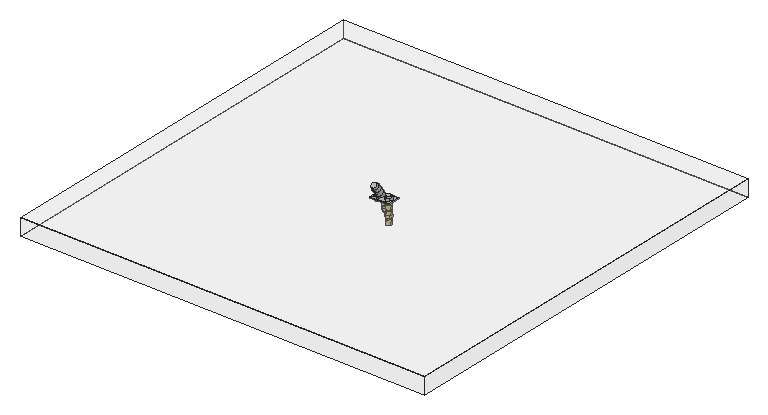
Revit family
Parameters (values of type "67CC-C")
  Weight Lbs = 4.4
  Waste Connection = no
  Rod Assembly D = 0' - 0 1/2"
  Rod Assembly C = 0' - 0 3/4"
  Rod Assembly B = Rod Assembly A + 0' 0 1/2"  # 0' - 1 1/2"
  Rod Assembly A = Wall Thickness  # 0' - 1"
  Wall Thickness = 0' - 1"
  WFU = 0
  Vent Connection = no
  URL = "http://www.woodfordmfg.com/woodford/Wall_Hydrant_Pages/model-67.html"
  Symbol Length = 0' - 9"
  Polished Brass (PB) Optional = ""
  Plate Width = 0' - 3"
  Plate Length = 0' - 4 3/8"
  Pipe Connection Radius = 0' - 0 3/8"
  Pipe Connection Diameter = Pipe Connection Radius * 2  # 0' - 0 3/4"
  Overall Hydrant Length = Wall Thickness + 0' 4"  # 0' - 5"
  Outlet = "3/4\" Male Hose Thread"
  No Lead Solder = ""
  Model = "67CC-C"
  Max Temperature = "120º -F"
  Max Pressure = 125.00 psi
  Inlet Option = "C - 3/4\" Copper Water Tube-Closed Coupled"
  Hydrant Specification = ""
  Hydrant & Vacuum Breaker = "Listed by IAPMO"
  Hydrant = "Field Testable"
  Manufacturer = "Woodford Manufacturing Company"
  Installation Instructions = "http://www.woodfordmfg.com/woodford/Installation/65-67%20Installation%20Instructions-2.pdf"
  HWFU = 0
  HW Connection = no
  GPM = "13 @ 100psi"
  Double Check Backflow Preventer = "ASSE 1052"
  Default Elevation = 4' - 0"
  Chrome Standard = ""
  Catalog Sheet = "http://www.woodfordmfg.com/woodford/Wall_Hyd_PDF/67CATALOG.pdf"
  CWFU = 2.5
  CW Connection = yes
  Brass Head & Inlet Castings = ""
  Brass (BR) Optional = ""
  Automatic Draining = ""
  All Brass Castings = ""
Types (13): name | Weight Lbs | Rod Assembly D | Rod Assembly C | Rod Assembly B | Rod Assembly A | Wall Thickness | Overall Hydrant Length | Model | Inlet Option
  (no name) | 4.4 | 0' - 0 1/2" | 0' - 0 3/4" | 0' - 1 1/2" | 0' - 1" | 0' - 1" | 0' - 5" | "67CC-C" | "C - 3/4\" Copper Water Tube-Closed Coupled"
  67C-6 | 4.8 | 0' - 1 1/2" | 0' - 2" | 0' - 6 1/2" | 0' - 6" | 0' - 6" | 0' - 10" | "67C-6" | "C - 3/4\" Copper Water Tube"
  67C-4 | 4.4 | 0' - 1 1/2" | 0' - 2" | 0' - 4 1/2" | 0' - 4" | 0' - 4" | 0' - 8" | "67C-4" | "C - 3/4\" Copper Water Tube"
  67C-10 | 5.6 | 0' - 1 1/2" | 0' - 2" | 0' - 10 1/2" | 0' - 10" | 0' - 10" | 1' - 2" | "67C-10" | "C - 3/4\" Copper Water Tube"
  67C-12 | 6 | 0' - 1 1/2" | 0' - 2" | 1' - 0 1/2" | 1' - 0" | 1' - 0" | 1' - 4" | "67C-12" | "C - 3/4\" Copper Water Tube"
  67C-14 | 6.4 | 0' - 1 1/2" | 0' - 2" | 1' - 2 1/2" | 1' - 2" | 1' - 2" | 1' - 6" | "67C-14" | "C - 3/4\" Copper Water Tube"
  67C-16 | 6.8 | 0' - 1 1/2" | 0' - 2" | 1' - 4 1/2" | 1' - 4" | 1' - 4" | 1' - 8" | "67C-16" | "C - 3/4\" Copper Water Tube"
  67C-18 | 7.2 | 0' - 1 1/2" | 0' - 2" | 1' - 6 1/2" | 1' - 6" | 1' - 6" | 1' - 10" | "67C-18" | "C - 3/4\" Copper Water Tube"
  67C-20 | 7.6 | 0' - 1 1/2" | 0' - 2" | 1' - 8 1/2" | 1' - 8" | 1' - 8" | 2' - 0" | "67C-20" | "C - 3/4\" Copper Water Tube"
  67C-22 | 8 | 0' - 1 1/2" | 0' - 2" | 1' - 10 1/2" | 1' - 10" | 1' - 10" | 2' - 2" | "67C-22" | "C - 3/4\" Copper Water Tube"
  67C-24 | 8.4 | 0' - 1 1/2" | 0' - 2" | 2' - 0 1/2" | 2' - 0" | 2' - 0" | 2' - 4" | "67C-24" | "C - 3/4\" Copper Water Tube"
  67C-8 | 4.8 | 0' - 1 1/2" | 0' - 2" | 0' - 6 1/2" | 0' - 6" | 0' - 6" | 0' - 10" | "67C-8" | "C - 3/4\" Copper Water Tube"
  67CC-C | 4.4 | 0' - 0 1/2" | 0' - 0 3/4" | 0' - 1 1/2" | 0' - 1" | 0' - 1" | 0' - 5" | "67CC-C" | "C - 3/4\" Copper Water Tube-Closed Coupled"
Reference planes (in)
  plane 1 "Center (Front/Back)": y = 0
  plane 2: z = 0
  plane 3 "Center (Left/Right)": x = 0
  plane 4 "Left": x = -2.1875
  plane 5 "Right": x = 2.1875
  plane 6 "Bottom": y = -1.5
  plane 7 "Top": y = 1.5
  plane 8 "Top Faceplate": z = 0.21875
  plane 9 "Right Offset": x = 1.6875
  plane 10 "Left Offset": x = -1.6875
  plane 11 "Top Nut": z = 0.71875
  plane 12 "Operating Rod Depth A": z = -1
  plane 13 "Out Right": z = -0.75
  plane 14 "Out Left": z = -0.5
  plane 15: z = -0.325
  plane 16 "Operating Rod Depth B": z = -1.5
  plane 17 "Inlet bottom nut": z = -1.75
  plane 18 "Inlet Assembly": z = -2.25
  plane 19 "Inlet Assembly Nut": z = -3
  plane 20 "Inlet Assembly Bottom Nut": z = -3.5
  plane 21 "Female Connection": z = -4
  plane 22: z = 9
  plane 23: z = -5
Forms (in)
  Extrusion 1, solid, material "Glass"
    sketch origin (0, 0, 0) x (1, 0, 0) y (0, 1, 0)
      loop
        line (-48, 48) -> (-48, -48) -> (48, -48) -> (48, 48) -> (-48, 48)
    from 0 to -4
  Extrusion 2, solid, material "Chrome", detail levels fine
    sketch origin (0, 0, 0) x (1, 0, 0) y (0, 1, 0)
      loop
        line (-2.1875, -1.5) -> (2.1875, -1.5) -> (2.1875, 1.5) -> (-2.1875, 1.5) -> (-2.1875, -1.5)
    from 0 to 0.21875
  Extrusion 3, solid, material "Chrome", detail levels fine
    sketch origin (-1.6875, 0, 0) x (0, 1, 0) y (0, 0, 1)
      loop
        line (-1.5, 0.21875) -> (-0.17611, 0.21875) -> (-0.17611, 0.4375) -> (-1.1597, 0.4375) -> (-1.44095, 0.71875) -> (-1.5, 0.71875) -> (-1.5, 0.21875)
    from 0 to 1
  Sweep 4, solid, material "Chrome", detail levels fine
    path origin (-1.1625, 0, 0) x (0, 1, 0) y (0, 0, 1)
      loop
        arc (0.31144, 0.21875) -> (0.26076, 0.51208) -> (0.1201, 0.77444) r 0.93127
    profile origin (-1.1625, 0.26076, 0.51208) x (0, -0.945519, -0.325568) y (1, 0, 0)
      loop
        circle (0, 0) r 0.78125
  Sweep 5, solid, material "Chrome", detail levels fine
    path origin (-1.1625, 0, 0) x (0, 1, 0) y (0, 0, 1)
      loop
        line (0.1201, 0.77444) -> (-0.03172, 0.97306)
    profile origin (-1.1625, 0.04419, 0.87375) x (0, -0.794484, -0.607286) y (1, 0, 0)
      loop
        circle (0, 0) r 0.5
  Sweep 6, solid, material "Chrome", detail levels fine
    path origin (-1.1625, 0, 0) x (0, 1, 0) y (0, 0, 1)
      loop
        line (-0.03172, 0.97306) -> (-0.639, 1.76754)
    profile origin (-1.1625, -0.33536, 1.3703) x (0, -0.794484, -0.607286) y (1, 0, 0)
      loop
        circle (0, 0) r 0.75
  Sweep 7, solid, material "Chrome", detail levels fine
    path origin (-1.1625, -0.58076, 0.81476) x (0, 1, 0) y (0, 0, 1)
      loop
        line (-0.639, 1.76754) -> (-0.75357, 1.91743)
    profile origin (-1.1625, -1.27705, 2.65724) x (0, -0.794484, -0.607286) y (1, 0, 0)
      loop
        circle (0, 0) r 0.5
  Sweep 8, solid, material "Chrome", detail levels fine
    path origin (-1.1625, -0.58076, 0.81476) x (0, 1, 0) y (0, 0, 1)
      loop
        line (-0.75357, 1.91743) -> (-0.95094, 2.17563)
    profile origin (-1.1625, -1.43301, 2.86129) x (0, -0.794484, -0.607286) y (1, 0, 0)
      loop
        circle (0, 0) r 0.625
  Extrusion 9, solid, material "Chrome", detail levels fine
    sketch origin (0, 0, 0.21875) x (-1, 0, 0) y (0, -1, 0)
      loop
        line (-1.02436, -0.76573) -> (-0.33622, -0.38286) -> (-0.33622, 0.38286) -> (-1.02436, 0.76573) -> (-1.6875, 0.38286) -> (-1.6875, -0.38286) -> (-1.02436, -0.76573)
    from 0 to 0.5
  Extrusion 10, solid, material "Chrome", detail levels fine
    sketch origin (0, 0, 0.71875) x (-1, 0, 0) y (0, -1, 0)
      loop
        circle (-1.02436, 0) r 0.54614
    from 0 to 0.25
  Extrusion 11, solid, material "Brass", detail levels fine
    sketch origin (0, 0, 0) x (1, 0, 0) y (0, 1, 0)
      loop
        circle (1.02436, 0) r 0.625
    from 0 to -0.75
  Extrusion 12, solid, material "Brass", detail levels fine
    sketch origin (0, 0, 0) x (1, 0, 0) y (0, 1, 0)
      loop
        circle (-0.08686, 0) r 0.4375
    from 0 to -0.5
  Extrusion 13, solid, material "Brass", detail levels fine
    sketch origin (0, 0, 0) x (1, 0, 0) y (0, 1, 0)
      loop
        arc (1.02395, -0.71363) -> (1.60463, -0.04499) -> (1.09565, 0.67972) r 0.71878
        line (1.09565, 0.67972) -> (-0.88414, 1.19681) -> (-1.9375, 1.19681) -> (-1.9375, -1.12767) -> (-1.15613, -1.12767) -> (1.02395, -0.71363)
    from 0 to -0.325
  Extrusion 14, solid, material "Brass", detail levels fine
    sketch origin (0, 0, -0.5) x (-1, 0, 0) y (0, -1, 0)
      loop
        circle (0.08686, 0) r 0.3125
    from 0 to -1
  Extrusion 15, solid, material "Brass", detail levels fine
    sketch origin (0, 0, -0.75) x (-1, 0, 0) y (0, -1, 0)
      loop
        circle (-1.02436, 0) r 0.375
    from 0 to -0.25
  Extrusion 16, solid, material "Brass", detail levels fine
    sketch origin (0, 0, -1) x (-1, 0, 0) y (0, -1, 0)
      loop
        circle (-1.02436, 0) r 0.5
    from 0 to -0.75
  Extrusion 17, solid, material "Brass", detail levels fine
    sketch origin (0, 0, -1.75) x (-1, 0, 0) y (0, -1, 0)
      loop
        circle (-1.02436, 0) r 0.375
    from 0 to -0.5
  Extrusion 18, solid, material "Brass", detail levels fine
    sketch origin (0, 0, -2.25) x (-1, 0, 0) y (0, -1, 0)
      loop
        circle (-1.02436, 0) r 0.54614
    from 0 to -0.75
  Extrusion 19, solid, material "Brass", detail levels fine
    sketch origin (0, 0, -3) x (-1, 0, 0) y (0, -1, 0)
      loop
        line (-1.02436, -0.76573) -> (-0.33622, -0.38286) -> (-0.33622, 0.38286) -> (-1.02436, 0.76573) -> (-1.6875, 0.38286) -> (-1.6875, -0.38286) -> (-1.02436, -0.76573)
    from 0 to -0.5
  Extrusion 20, solid, material "Brass", detail levels fine
    sketch origin (0, 0, -3.5) x (-1, 0, 0) y (0, -1, 0)
      loop
        circle (-1.02436, 0) r 0.375
    from 0 to -0.5
  Extrusion 21, solid, material "Brass", detail levels fine
    sketch origin (0, 0, -4) x (-1, 0, 0) y (0, -1, 0)
      loop
        circle (-1.02436, 0) r 0.60231
    from 0 to -1
  Sweep 22, solid, material "Brass", detail levels fine
    path origin (0, 0, 0) x (1, 0, 0) y (0, 0, 1)
      loop
        line (-0.094, -1.5) -> (-0.094, -1.87829)
        arc (-0.094, -1.87829) -> (0.12185, -2.39942) -> (0.64298, -2.61528) r 0.73699
    profile origin (-0.094, 0, -1.68914) x (0, -1, 0) y (1, 0, 0)
      loop
        circle (0, 0) r 0.375
  Sweep 23, solid, material "Chrome", detail levels fine
    path origin (-1.1625, -0.75911, 0.9931) x (0, 1, 0) y (0, 0, 1)
      loop
        line (0.1201, 0.77444) -> (-0.03172, 0.97306)
    profile origin (-1.1625, -0.71491, 1.86685) x (0, -0.794484, -0.607286) y (1, 0, 0)
      loop
        circle (0, 0) r 0.5
  Sweep 24, solid, material "Chrome", detail levels fine
    path origin (-1.1625, -0.66993, 0.90393) x (0, 1, 0) y (0, 0, 1)
      loop
        line (-0.10763, 1.07237) -> (-0.56309, 1.66823)
    profile origin (-1.1625, -1.00529, 2.27423) x (0, -0.794484, -0.607286) y (1, 0, 0)
      loop
        circle (0, 0) r 0.75
Lines and regions (in)
  model lines, detail levels coarse+medium
    curve 1: line (0, 0, 0) -> (0, 0, 9)
    curve 2: line (2.1875, 0, 6.25) -> (-2.1875, 0, 6.25)
Dimensions and locks (in)
  equal spacing: plane 7 "Top", plane 1 "Center (Front/Back)", plane 6 "Bottom"
  "Plate Width": plane 7 "Top" to plane 6 "Bottom"
  equal spacing: plane 4 "Left", plane 3 "Center (Left/Right)", plane 5 "Right"
  "Plate Length": plane 4 "Left" to plane 5 "Right"
  locked: plane 8 "Top Faceplate" to level at 0.21875
  locked: plane 4 "Left" to plane 10 "Left Offset" at 0.5
  locked: plane 9 "Right Offset" to plane 5 "Right" at 0.5
  "Rod Assembly C": level to plane 13 "Out Right"
  "Rod Assembly D": Extrusion 1 to plane 14 "Out Left"
  level to plane 15 = 0' - 0.325"
  "Rod Assembly B": level to plane 16 "Operating Rod Depth B"
  "Rod Assembly A": level to plane 12 "Operating Rod Depth A"
  locked: plane 12 "Operating Rod Depth A" to plane 17 "Inlet bottom nut" at 0.75
  plane 18 "Inlet Assembly" to plane 19 "Inlet Assembly Nut" = 0' - 0 3/4"
  plane 17 "Inlet bottom nut" to plane 18 "Inlet Assembly" = 0' - 0 1/2"
  plane 19 "Inlet Assembly Nut" to plane 20 "Inlet Assembly Bottom Nut" = 0' - 0 1/2"
  plane 20 "Inlet Assembly Bottom Nut" to plane 21 "Female Connection" = 0' - 0 1/2"
  "Symbol Length": Extrusion 1 to plane 22
  locked: curve 2 to plane 22 at 2.75
  plane 21 "Female Connection" to plane 23 = 0' - 1"
  level to plane 23 = 0' - 5"
  "Pipe Connection Radius": radius of Extrusion 20 sketch curve
  "Pipe Connection Radius": radius of Extrusion 17 sketch curve
  "Pipe Connection Radius": radius of Extrusion 15 sketch curve
  aligned and locked: plane 2 to Extrusion 1
  aligned and locked: level to Extrusion 1
  aligned and locked: plane 7 "Top" to Extrusion 2
  aligned and locked: plane 6 "Bottom" to Extrusion 2
  aligned and locked: plane 5 "Right" to Extrusion 2
  aligned and locked: plane 4 "Left" to Extrusion 2
  aligned and locked: plane 8 "Top Faceplate" to Extrusion 2
  aligned and locked: plane 9 "Right Offset" to Extrusion 9 sketch curve
  aligned and locked: plane 11 "Top Nut" to Extrusion 9
  aligned and locked: plane 13 "Out Right" to Extrusion 11
  aligned and locked: plane 14 "Out Left" to Extrusion 12
  aligned and locked: Extrusion 13 to plane 15
  aligned and locked: Extrusion 15 to plane 12 "Operating Rod Depth A"
  aligned and locked: Extrusion 14 to plane 16 "Operating Rod Depth B"
  aligned and locked: plane 17 "Inlet bottom nut" to Extrusion 16
  aligned and locked: plane 18 "Inlet Assembly" to Extrusion 17
  aligned and locked: plane 20 "Inlet Assembly Bottom Nut" to Extrusion 19
  aligned and locked: plane 21 "Female Connection" to Extrusion 20
  aligned and locked: Extrusion 18 to plane 19 "Inlet Assembly Nut"
  aligned and locked: Sweep 22 to plane 16 "Operating Rod Depth B"
  aligned and locked: plane 16 "Operating Rod Depth B" to Sweep 22
  aligned and locked: plane 22 to curve 1
  aligned and locked: plane 23 to Extrusion 21  (x2)
  aligned and locked: plane 20 "Inlet Assembly Bottom Nut" to Extrusion 20
  aligned and locked: plane 21 "Female Connection" to Extrusion 21
Automatic sketch dimensions
  curve 2 to plane 4 "Left" = 0' - 0"
  curve 1 to plane 3 "Center (Left/Right)" = 0' - 0"
  curve 2 to plane 5 "Right" = 0' - 0"
  curve 1 to level = 0' - 0"
  Extrusion 1 sketch curve to Extrusion 1 sketch curve = 8' - 0"  (x2)
  Extrusion 2 sketch curve to plane 4 "Left" = 0' - 0"
  Extrusion 2 sketch curve to plane 5 "Right" = 0' - 0"
  Extrusion 2 sketch curve to plane 6 "Bottom" = 0' - 0"
  Extrusion 2 sketch curve to plane 7 "Top" = 0' - 0"
  Extrusion 3 sketch curve to plane 6 "Bottom" = 0' - 0"
  Extrusion 3 sketch curve to plane 11 "Top Nut" = 0' - 0"
  Extrusion 3 sketch curve to plane 8 "Top Faceplate" = 0' - 0"
  Extrusion 3 sketch curve to Extrusion 3 sketch curve = 0' - 0.05905"
  plane 6 "Bottom" to Extrusion 3 sketch curve = 0' - 0.3403"
  plane 1 "Center (Front/Back)" to Extrusion 3 sketch curve = 0' - 0.17611"
  plane 8 "Top Faceplate" to Extrusion 3 sketch curve = 0' - 0 7/32"
  Sweep 4 sketch curve to plane 8 "Top Faceplate" = 0' - 0"
  Sweep 4 sketch curve to plane 8 "Top Faceplate" = 0' - 0.00986"
  plane 1 "Center (Front/Back)" to Sweep 4 sketch curve = 0' - 0.61977"
  plane 11 "Top Nut" to Sweep 4 sketch curve = 0' - 0.05569"
  Sweep 4 sketch curve to plane 1 "Center (Front/Back)" = 0' - 0.1201"
  Sweep 4 sketch curve to profile plane = 0' - 0"  (x2)
  plane 1 "Center (Front/Back)" to Sweep 5 sketch curve = 0' - 0.03172"
  plane 11 "Top Nut" to Sweep 5 sketch curve = 0' - 0.05569"
  Sweep 5 sketch curve to plane 1 "Center (Front/Back)" = 0' - 0.1201"
  Sweep 5 sketch curve to Sweep 5 sketch curve = 0' - 0.19862"
  Sweep 5 sketch curve to profile plane = 0' - 0"  (x2)
  plane 1 "Center (Front/Back)" to Sweep 6 sketch curve = 0' - 0.639"
  plane 1 "Center (Front/Back)" to Sweep 6 sketch curve = 0' - 0.03172"
  plane 11 "Top Nut" to Sweep 6 sketch curve = 0' - 0.25431"
  Sweep 6 sketch curve to Sweep 6 sketch curve = 0' - 0.79448"
  Sweep 6 sketch curve to profile plane = 0' - 0"  (x2)
  plane 6 "Bottom" to Sweep 7 sketch curve = 0' - 0.16567"
  Sweep 7 sketch curve to Sweep 7 sketch curve = 0' - 0.11457"
  plane 11 "Top Nut" to Sweep 7 sketch curve = 0' - 1.86355"
  Sweep 7 sketch curve to Sweep 7 sketch curve = 0' - 0.14988"
  Sweep 7 sketch curve to profile plane = 0' - 0"  (x2)
  Sweep 8 sketch curve to plane 6 "Bottom" = 0' - 0.0317"
  Sweep 8 sketch curve to Sweep 8 sketch curve = 0' - 0.19737"
  plane 11 "Top Nut" to Sweep 8 sketch curve = 0' - 2.01344"
  Sweep 8 sketch curve to Sweep 8 sketch curve = 0' - 0.25821"
  Sweep 8 sketch curve to profile plane = 0' - 0"  (x2)
  Extrusion 9 sketch curve to plane 9 "Right Offset" = 0' - 0.66314"  (x2)
  plane 3 "Center (Left/Right)" to Extrusion 9 sketch curve = 0' - 0.33622"
  Extrusion 9 sketch curve to plane 7 "Top" = 0' - 0.73427"
  Extrusion 9 sketch curve to plane 1 "Center (Front/Back)" = 0' - 0.38286"  (x2)
  plane 1 "Center (Front/Back)" to Extrusion 9 sketch curve = 0' - 0.38286"  (x2)
  plane 6 "Bottom" to Extrusion 9 sketch curve = 0' - 0.73427"
  plane 1 "Center (Front/Back)" to Extrusion 10 sketch curve = 0' - 0"
  Extrusion 10 sketch curve to plane 9 "Right Offset" = 0' - 0.66314"
  plane 1 "Center (Front/Back)" to Extrusion 11 sketch curve = 0' - 0"
  Extrusion 11 sketch curve to plane 9 "Right Offset" = 0' - 0.66314"
  plane 1 "Center (Front/Back)" to Extrusion 12 sketch curve = 0' - 0"
  Extrusion 12 sketch curve to plane 3 "Center (Left/Right)" = 0' - 0.08686"
  plane 4 "Left" to Extrusion 13 sketch curve = 0' - 0 1/4"
  plane 10 "Left Offset" to Extrusion 13 sketch curve = 0' - 0.53137"
  Extrusion 13 sketch curve to plane 7 "Top" = 0' - 0.30319"
  plane 10 "Left Offset" to Extrusion 13 sketch curve = 0' - 0.80336"
  plane 1 "Center (Front/Back)" to Extrusion 13 sketch curve = 0' - 0.00805"
  Extrusion 13 sketch curve to plane 9 "Right Offset" = 0' - 0.8007"
  Extrusion 13 sketch curve to plane 9 "Right Offset" = 0' - 0.66355"
  Extrusion 13 sketch curve to plane 9 "Right Offset" = 0' - 0.59185"
  plane 1 "Center (Front/Back)" to Extrusion 13 sketch curve = 0' - 0.71363"
  plane 6 "Bottom" to Extrusion 13 sketch curve = 0' - 0.37233"
  plane 1 "Center (Front/Back)" to Extrusion 14 sketch curve = 0' - 0"
  Extrusion 14 sketch curve to plane 3 "Center (Left/Right)" = 0' - 0.08686"
  plane 1 "Center (Front/Back)" to Extrusion 15 sketch curve = 0' - 0"
  Extrusion 15 sketch curve to plane 9 "Right Offset" = 0' - 0.66314"
  plane 1 "Center (Front/Back)" to Extrusion 16 sketch curve = 0' - 0"
  Extrusion 16 sketch curve to plane 9 "Right Offset" = 0' - 0.66314"
  plane 1 "Center (Front/Back)" to Extrusion 17 sketch curve = 0' - 0"
  Extrusion 17 sketch curve to plane 9 "Right Offset" = 0' - 0.66314"
  plane 1 "Center (Front/Back)" to Extrusion 18 sketch curve = 0' - 0"
  Extrusion 18 sketch curve to plane 9 "Right Offset" = 0' - 0.66314"
  Extrusion 19 sketch curve to plane 9 "Right Offset" = 0' - 0"
  Extrusion 19 sketch curve to plane 9 "Right Offset" = 0' - 0.66314"  (x2)
  plane 3 "Center (Left/Right)" to Extrusion 19 sketch curve = 0' - 0.33622"
  Extrusion 19 sketch curve to plane 7 "Top" = 0' - 0.73427"
  Extrusion 19 sketch curve to plane 1 "Center (Front/Back)" = 0' - 0.38286"  (x2)
  plane 1 "Center (Front/Back)" to Extrusion 19 sketch curve = 0' - 0.38286"  (x2)
  plane 6 "Bottom" to Extrusion 19 sketch curve = 0' - 0.73427"
  plane 1 "Center (Front/Back)" to Extrusion 20 sketch curve = 0' - 0"
  Extrusion 20 sketch curve to plane 9 "Right Offset" = 0' - 0.66314"
  plane 1 "Center (Front/Back)" to Extrusion 21 sketch curve = 0' - 0"
  Extrusion 21 sketch curve to plane 9 "Right Offset" = 0' - 0.66314"
  Sweep 22 sketch curve to plane 16 "Operating Rod Depth B" = 0' - 0"
  Sweep 22 sketch curve to plane 3 "Center (Left/Right)" = 0' - 0.094"
  Sweep 22 sketch curve to plane 18 "Inlet Assembly" = 0' - 0.36528"
  plane 3 "Center (Left/Right)" to Sweep 22 sketch curve = 0' - 0.64298"
  plane 1 "Center (Front/Back)" to Sweep 22 sketch curve = 0' - 0"
  Sweep 22 sketch curve to profile plane = 0' - 0"
  plane 6 "Bottom" to Sweep 23 sketch curve = 0' - 0.70918"
  Sweep 23 sketch curve to Sweep 23 sketch curve = 0' - 0.15182"
  plane 11 "Top Nut" to Sweep 23 sketch curve = 0' - 1.04879"
  Sweep 23 sketch curve to Sweep 23 sketch curve = 0' - 0.19862"
  Sweep 23 sketch curve to profile plane = 0' - 0"  (x2)
  plane 6 "Bottom" to Sweep 24 sketch curve = 0' - 0.26697"
  plane 6 "Bottom" to Sweep 24 sketch curve = 0' - 0.72244"
  plane 11 "Top Nut" to Sweep 24 sketch curve = 0' - 1.25755"
  Sweep 24 sketch curve to Sweep 24 sketch curve = 0' - 0.59586"
  Sweep 24 sketch curve to profile plane = 0' - 0"  (x2)
  radius of Sweep 4 sketch curve = 0' - 0 25/32"
  radius of Sweep 5 sketch curve = 0' - 0 1/2"
  radius of Sweep 6 sketch curve = 0' - 0 3/4"
  radius of Sweep 7 sketch curve = 0' - 0 1/2"
  radius of Sweep 8 sketch curve = 0' - 0 5/8"
  radius of Extrusion 10 sketch curve = 0' - 0.54614"
  radius of Extrusion 11 sketch curve = 0' - 0 5/8"
  radius of Extrusion 12 sketch curve = 0' - 0 7/16"
  radius of Extrusion 14 sketch curve = 0' - 0 5/16"
  radius of Extrusion 16 sketch curve = 0' - 0 1/2"
  radius of Extrusion 18 sketch curve = 0' - 0.54614"
  radius of Extrusion 21 sketch curve = 0' - 0.60231"
  radius of Sweep 22 sketch curve = 0' - 0 3/8"
  radius of Sweep 23 sketch curve = 0' - 0 1/2"
  radius of Sweep 24 sketch curve = 0' - 0 3/4"
Nested families (in)
  nested 1: "Hydrant Annotation" at (0, 0, 0), type "Hydrant Annotation", detail levels coarse+medium
Connectors (in)
  piping at (1.02436, 0, -5), driven by "Pipe Connection Radius"
    settings: on Extrusion 21, index 1, connector radius 3/8", flow factor 0, pipe flow 13 GPM, pressure drop 100.00 psi, fitting loss kfactor 0, connector angle 0.00°, fixture units 0, flow configuration 1, flow direction 1, fitting loss method 4, system type 20, connector reference index -1, connector utility 0, adjustable connector no, is connector primary yes, fitting loss table "", connector description ""
Definition of nested family "Hydrant Annotation"
  Reference planes (in)
    plane 1: y = 0
    plane 2: x = 0
  Lines and regions (in)
    detail lines, style "Hydrant Symbol"
      curve 1: line (0, 0, 0) -> (0, 0.325, 0)
      curve 2: line (-0.11215, 0.22111, 0) -> (0.11215, 0.22111, 0)
      curve 3: line (-0.0625, 0, 0) -> (0.0625, 0, 0)
  Dimensions and locks (in)
    equal spacing: curve 2, plane 2, curve 2
    curve 3 to curve 3 = 0' - 0 1/8"
